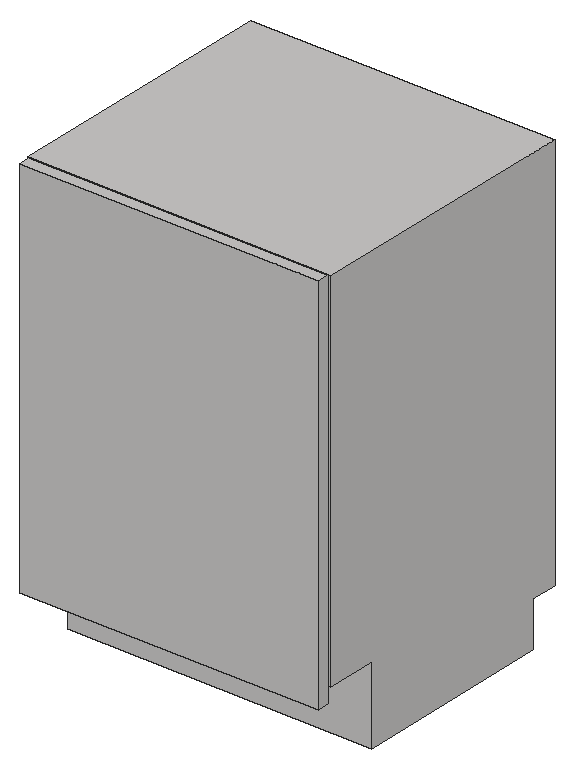
Revit family "DF210700", category Generic Models, Revit 2015
Parameters (values of type "DF210700")
  Width = 598 mm
  URL = "http://www.gaggenau.com."
  Model = "DF210700"
  Manufacturer = "Gaggenau"
  Height = 877 mm
  Fridge = Metal Panel
  Door = Metal Panel
  Description = "Gaggenau Dishwasher 200 series fully integrated (ADA compliant) Euro tub, appliance height 32 ³⁄₁₆\""
  Depth = 550 mm
Reference planes
  plane 1 "Center (Front/Back)": y = 0
  plane 2: z = 0
  plane 3 "Center (Left/Right)": x = 0
  plane 4: x = -299
  plane 5: x = 299
  plane 6: z = 877
  plane 7: z = 152
  plane 8: z = 89
  plane 9: z = 20
  plane 10: y = 275
  plane 11: y = -275
  plane 12: y = -297
Forms (mm)
  Extrusion 1, solid, material "Metal Panel" <- "Fridge"
    sketch origin (0, 0, 0) x (0, 1, 0) y (0, 0, 1)
      loop
        line (275, 89) -> (275, 877) -> (-275, 877) -> (-275, 152) -> (-175, 152) -> (-175, 0) -> (222, 0) -> (222, 89) -> (275, 89)
    from -299 to 299
  Extrusion 2, solid, material "Metal Panel" <- "Door"
    sketch origin (0, 0, 0) x (0, 1, 0) y (0, 0, 1)
      loop
        line (-297, 877) -> (-297, 120) -> (-275, 120) -> (-275, 877) -> (-297, 877)
    from -295.471 to 293.529
Dimensions and locks
  "Width": plane 4 to plane 5
  equal spacing: plane 4, plane 3 "Center (Left/Right)", plane 5
  "Height": plane 6 to level
  plane 7 to plane 2 = 152 mm
  plane 6 to plane 7 = 725 mm
  equal spacing: plane 10, plane 1 "Center (Front/Back)", plane 11
  "Depth": plane 10 to plane 11
  plane 10 to plane 11 = 550 mm
  aligned and locked: level to plane 2
  aligned and locked: plane 6 to Extrusion 2
Automatic sketch dimensions
  Extrusion 1 sketch curve to plane 6 = 0 mm
  Extrusion 1 sketch curve to plane 7 = 0 mm
  Extrusion 1 sketch curve to level = 0 mm
  Extrusion 1 sketch curve to plane 8 = 0 mm
  Extrusion 1 sketch curve to plane 10 = 0 mm
  Extrusion 1 sketch curve to plane 10 = 53 mm
  plane 11 to Extrusion 1 sketch curve = 0 mm
  Extrusion 2 sketch curve to plane 7 = 32 mm
  Extrusion 2 sketch curve to plane 11 = 22 mm
  plane 11 to Extrusion 2 sketch curve = 0 mm
  Extrusion 2 sketch curve to plane 6 = 0 mm
  plane 11 to Extrusion 1 sketch curve = 100 mm
